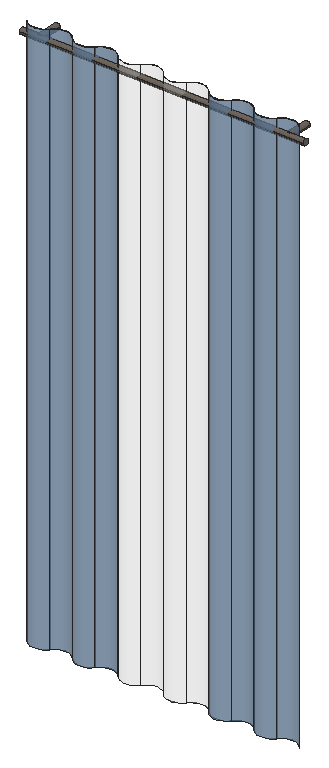
Revit family "Шторы 1 тюль й 2 шторы", category Мебель, Revit 2019
Family settings
  Номер OmniClass = 23.40.20.00
  Заголовок OmniClass = General Furniture and Specialties
  На основе рабочей плоскости = Нет
  Всегда вертикально = Да
  При загрузке вырезать с полостями = Нет
  Общий = Нет
  Точка расчета площади = Нет
Parameters
  Шторы [instance] = yes
  Количество витков штор [instance] = Количество витков тюли / 3.5  # 2
  Материал шторы тюль (дальше от стены) = Материал шторы тюль светло-синяя
  Материал шторы тюль (ближе к стене) = Материал шторы тюль светло-белая
  Материал карниз = Материал шторы карниз
  Количество витков тюли [instance] = 6
  Изготовитель = "Литвинчук Артур"
  Общая высота штор (от пола к верху штор) [instance] = 2500 mm
  Длина карниза [instance] = Количество витков тюли * 200 mm + 50 mm  # 1250 mm
  Длина (дополнительная) [instance] = Длина карниза - 100 mm  # 1150 mm
  Выступ карниза от стены [instance] = 100 mm
  Высота штор (фактическая) [instance] = [Общая высота штор (от пола к верху штор)] - 50 mm  # 2450 mm
  URL = "lytvynchukartur@gmail.com"
Reference planes
  plane 1 "По центру (Вперед/Назад)": y = 0
  plane 2: z = 0
  plane 3 "По центру (Влево/Вправо)": x = 0
  plane 4: z = 50
  plane 5: z = 2500
  plane 6: z = 2450
  plane 7 "По центру Л/Р": y = -100
  plane 8 "По центру Л/С": x = 50
  plane 9 "По центру Л/Т": x = 1150
  plane 10 "По центру Л/У": x = 1200
Forms (mm)
  Extrusion 1, solid, material "Материал шторы тюль светло-белая" <- "Материал шторы тюль (ближе к стене)"
    sketch origin (0, -100, 0) x (1, 0, 0) y (0, 1, 0)
      loop
        line (0, 0) -> (0, -1)
        arc (0, -1) -> (50, -25.926) -> (100, -1) r 62.612
        arc (100, -1) -> (150, 23.926) -> (200, -1) r 62.612
        line (200, -1) -> (200, 0)
        arc (200, 0) -> (150, 24.926) -> (100, 0) r 62.612
        arc (100, 0) -> (50, -24.926) -> (0, 0) r 62.612
    from 50 to 2500
  Extrusion 2, solid, material "Материал шторы тюль светло-белая" <- "Материал шторы тюль (ближе к стене)"
    sketch origin (200, -100, 0) x (1, 0, 0) y (0, 1, 0)
      loop
        line (0, 0) -> (0, -1)
        arc (0, -1) -> (50, -25.926) -> (100, -1) r 62.612
        arc (100, -1) -> (150, 23.926) -> (200, -1) r 62.612
        line (200, -1) -> (200, 0)
        arc (200, 0) -> (150, 24.926) -> (100, 0) r 62.612
        arc (100, 0) -> (50, -24.926) -> (0, 0) r 62.612
    from 50 to 2500
  Extrusion 3, solid, material "Материал шторы карниз" <- "Материал карниз"
    sketch origin (75, 0, 0) x (1, 0, 0) y (0, 0, 1)
      loop
        circle (-25, 2450) r 12.5
    from 0 to 100
  Extrusion 4, solid, material "Материал шторы карниз" <- "Материал карниз"
    sketch origin (975, 0, 0) x (1, 0, 0) y (0, 0, 1)
      loop
        circle (175, 2450) r 12.5
    from 0 to 100
  Extrusion 5, solid, material "Материал шторы карниз" <- "Материал карниз"
    sketch origin (-25, 1, -19.239) x (0, 1, 0) y (0, 0, 1)
      loop
        circle (-101, 2469.239) r 12.5
    from 0 to 1250
  Extrusion 6, solid, material "Материал шторы тюль светло-белая" <- "Материал шторы тюль (ближе к стене)"
    sketch origin (400, -100, 0) x (1, 0, 0) y (0, 1, 0)
      loop
        line (0, 0) -> (0, -1)
        arc (0, -1) -> (50, -25.926) -> (100, -1) r 62.612
        arc (100, -1) -> (150, 23.926) -> (200, -1) r 62.612
        line (200, -1) -> (200, 0)
        arc (200, 0) -> (150, 24.926) -> (100, 0) r 62.612
        arc (100, 0) -> (50, -24.926) -> (0, 0) r 62.612
    from 50 to 2500
  Extrusion 7, solid, material "Материал шторы тюль светло-белая" <- "Материал шторы тюль (ближе к стене)"
    sketch origin (600, -100, 0) x (1, 0, 0) y (0, 1, 0)
      loop
        line (0, 0) -> (0, -1)
        arc (0, -1) -> (50, -25.926) -> (100, -1) r 62.612
        arc (100, -1) -> (150, 23.926) -> (200, -1) r 62.612
        line (200, -1) -> (200, 0)
        arc (200, 0) -> (150, 24.926) -> (100, 0) r 62.612
        arc (100, 0) -> (50, -24.926) -> (0, 0) r 62.612
    from 50 to 2500
  Extrusion 8, solid, material "Материал шторы тюль светло-белая" <- "Материал шторы тюль (ближе к стене)"
    sketch origin (800, -100, 0) x (1, 0, 0) y (0, 1, 0)
      loop
        line (0, 0) -> (0, -1)
        arc (0, -1) -> (50, -25.926) -> (100, -1) r 62.612
        arc (100, -1) -> (150, 23.926) -> (200, -1) r 62.612
        line (200, -1) -> (200, 0)
        arc (200, 0) -> (150, 24.926) -> (100, 0) r 62.612
        arc (100, 0) -> (50, -24.926) -> (0, 0) r 62.612
    from 50 to 2500
  Extrusion 9, solid, material "Материал шторы тюль светло-белая" <- "Материал шторы тюль (ближе к стене)"
    sketch origin (1000, -100, 0) x (1, 0, 0) y (0, 1, 0)
      loop
        line (0, 0) -> (0, -1)
        arc (0, -1) -> (50, -25.926) -> (100, -1) r 62.612
        arc (100, -1) -> (150, 23.926) -> (200, -1) r 62.612
        line (200, -1) -> (200, 0)
        arc (200, 0) -> (150, 24.926) -> (100, 0) r 62.612
        arc (100, 0) -> (50, -24.926) -> (0, 0) r 62.612
    from 50 to 2500
  Extrusion 10, solid, material "Материал шторы тюль светло-синяя" <- "Материал шторы тюль (дальше от стены)", visible <- "Шторы"
    sketch origin (0, -102.359, 0) x (1, 0, 0) y (0, 1, 0)
      loop
        line (0, 0) -> (0, -1)
        arc (0, -1) -> (50, -25.926) -> (100, -1) r 62.612
        arc (100, -1) -> (150, 23.926) -> (200, -1) r 62.612
        line (200, -1) -> (200, 0)
        arc (200, 0) -> (150, 24.926) -> (100, 0) r 62.612
        arc (100, 0) -> (50, -24.926) -> (0, 0) r 62.612
    from 50 to 2500
  Extrusion 11, solid, material "Материал шторы тюль светло-синяя" <- "Материал шторы тюль (дальше от стены)", visible <- "Шторы"
    sketch origin (200, -102.359, 0) x (1, 0, 0) y (0, 1, 0)
      loop
        line (0, 0) -> (0, -1)
        arc (0, -1) -> (50, -25.926) -> (100, -1) r 62.612
        arc (100, -1) -> (150, 23.926) -> (200, -1) r 62.612
        line (200, -1) -> (200, 0)
        arc (200, 0) -> (150, 24.926) -> (100, 0) r 62.612
        arc (100, 0) -> (50, -24.926) -> (0, 0) r 62.612
    from 50 to 2500
  Extrusion 12, solid, material "Материал шторы тюль светло-синяя" <- "Материал шторы тюль (дальше от стены)", visible <- "Шторы"
    sketch origin (1000, -102.359, 0) x (1, 0, 0) y (0, 1, 0)
      loop
        line (0, 0) -> (0, -1)
        arc (0, -1) -> (50, -25.926) -> (100, -1) r 62.612
        arc (100, -1) -> (150, 23.926) -> (200, -1) r 62.612
        line (200, -1) -> (200, 0)
        arc (200, 0) -> (150, 24.926) -> (100, 0) r 62.612
        arc (100, 0) -> (50, -24.926) -> (0, 0) r 62.612
    from 50 to 2500
  Extrusion 13, solid, material "Материал шторы тюль светло-синяя" <- "Материал шторы тюль (дальше от стены)", visible <- "Шторы"
    sketch origin (800, -102.359, 0) x (1, 0, 0) y (0, 1, 0)
      loop
        line (0, 0) -> (0, -1)
        arc (0, -1) -> (50, -25.926) -> (100, -1) r 62.612
        arc (100, -1) -> (150, 23.926) -> (200, -1) r 62.612
        line (200, -1) -> (200, 0)
        arc (200, 0) -> (150, 24.926) -> (100, 0) r 62.612
        arc (100, 0) -> (50, -24.926) -> (0, 0) r 62.612
    from 50 to 2500
Dimensions and locks
  locked: plane 4 to level at 50
  "Общая высота штор (от пола к верху штор)": plane 5 to level
  locked: plane 5 to plane 6 at 50
  "Высота штор (фактическая)": Extrusion 1 to Extrusion 1
  equal spacing: group 1, group 2, group 3, group 4, group 5, group 6  (x3)
  "Высота штор (фактическая)": Extrusion 2 to Extrusion 2
  locked: plane 3 "По центру (Влево/Вправо)" to plane 8 "По центру Л/С" at 50
  locked: Extrusion 3 to plane 8 "По центру Л/С" at 12.5
  locked: Extrusion 3 to plane 6 at 12.5
  "Длина (дополнительная)": plane 3 "По центру (Влево/Вправо)" to plane 9 "По центру Л/Т"
  locked: plane 6 to Extrusion 4 at 12.5
  locked: plane 9 "По центру Л/Т" to Extrusion 4 at 12.5
  "Длина карниза": Extrusion 5 to Extrusion 5
  locked: Extrusion 5 to plane 3 "По центру (Влево/Вправо)" at 25
  "Выступ карниза от стены": plane 7 "По центру Л/Р" to plane 1 "По центру (Вперед/Назад)"
  locked: Extrusion 1 to plane 7 "По центру Л/Р" at 25.926
  locked: Extrusion 2 to plane 7 "По центру Л/Р" at 25.926
  "Высота штор (фактическая)": Extrusion 6 to Extrusion 6
  "Высота штор (фактическая)": Extrusion 7 to Extrusion 7
  "Высота штор (фактическая)": Extrusion 8 to Extrusion 8
  "Высота штор (фактическая)": Extrusion 9 to Extrusion 9
  group 7 to group 8 = 200 mm
  group 7 to group 8 = 0 mm  (x2)
  locked: Extrusion 10 to plane 7 "По центру Л/Р" at 28.285
  locked: Extrusion 11 to plane 7 "По центру Л/Р" at 28.285
  locked: plane 9 "По центру Л/Т" to plane 10 "По центру Л/У" at 50
  group 10 to group 9 = 200 mm
  group 9 to group 10 = 0 mm  (x2)
  locked: Extrusion 12 to plane 7 "По центру Л/Р" at 28.285
  locked: Extrusion 13 to plane 7 "По центру Л/Р" at 28.285
  "Высота штор (фактическая)": Extrusion 10 to Extrusion 10
  "Высота штор (фактическая)": Extrusion 11 to Extrusion 11
  "Высота штор (фактическая)": Extrusion 13 to Extrusion 13
  "Высота штор (фактическая)": Extrusion 12 to Extrusion 12
  aligned and locked: level to plane 2
  aligned and locked: Extrusion 1 to plane 4
  aligned and locked: Extrusion 3 to plane 1 "По центру (Вперед/Назад)"
  aligned and locked: plane 7 "По центру Л/Р" to Extrusion 3
  aligned and locked: plane 7 "По центру Л/Р" to Extrusion 4
  aligned and locked: plane 10 "По центру Л/У" to Extrusion 12
  aligned and locked: Extrusion 12 to Extrusion 13
Automatic sketch dimensions
  Extrusion 1 sketch curve to Extrusion 1 sketch curve = 0 mm  (x2)
  Extrusion 1 sketch curve to Extrusion 1 sketch curve = 100 mm
  Extrusion 1 sketch curve to Extrusion 1 sketch curve = 50 mm  (x2)
  Extrusion 1 sketch curve to Extrusion 1 sketch curve = 1 mm  (x4)
  Extrusion 1 sketch curve to Extrusion 1 sketch curve = 36.686 mm  (x3)
  Extrusion 2 sketch curve to Extrusion 2 sketch curve = 0 mm  (x2)
  Extrusion 2 sketch curve to Extrusion 2 sketch curve = 100 mm
  Extrusion 2 sketch curve to Extrusion 2 sketch curve = 50 mm  (x2)
  Extrusion 2 sketch curve to Extrusion 2 sketch curve = 1 mm  (x4)
  Extrusion 2 sketch curve to Extrusion 2 sketch curve = 36.686 mm  (x3)
  Extrusion 6 sketch curve to Extrusion 6 sketch curve = 0 mm  (x2)
  Extrusion 6 sketch curve to Extrusion 6 sketch curve = 100 mm
  Extrusion 6 sketch curve to Extrusion 6 sketch curve = 50 mm  (x2)
  Extrusion 6 sketch curve to Extrusion 6 sketch curve = 1 mm  (x4)
  Extrusion 6 sketch curve to Extrusion 6 sketch curve = 36.686 mm  (x3)
  Extrusion 7 sketch curve to Extrusion 7 sketch curve = 0 mm  (x2)
  Extrusion 7 sketch curve to Extrusion 7 sketch curve = 100 mm
  Extrusion 7 sketch curve to Extrusion 7 sketch curve = 50 mm  (x2)
  Extrusion 7 sketch curve to Extrusion 7 sketch curve = 1 mm  (x4)
  Extrusion 7 sketch curve to Extrusion 7 sketch curve = 36.686 mm  (x3)
  Extrusion 8 sketch curve to Extrusion 8 sketch curve = 0 mm  (x2)
  Extrusion 8 sketch curve to Extrusion 8 sketch curve = 100 mm
  Extrusion 8 sketch curve to Extrusion 8 sketch curve = 50 mm  (x2)
  Extrusion 8 sketch curve to Extrusion 8 sketch curve = 1 mm  (x4)
  Extrusion 8 sketch curve to Extrusion 8 sketch curve = 36.686 mm  (x3)
  Extrusion 9 sketch curve to Extrusion 9 sketch curve = 0 mm  (x2)
  Extrusion 9 sketch curve to Extrusion 9 sketch curve = 100 mm
  Extrusion 9 sketch curve to Extrusion 9 sketch curve = 50 mm  (x2)
  Extrusion 9 sketch curve to Extrusion 9 sketch curve = 1 mm  (x4)
  Extrusion 9 sketch curve to Extrusion 9 sketch curve = 36.686 mm  (x3)
  Extrusion 10 sketch curve to Extrusion 10 sketch curve = 0 mm  (x2)
  Extrusion 10 sketch curve to Extrusion 10 sketch curve = 100 mm
  Extrusion 10 sketch curve to Extrusion 10 sketch curve = 50 mm  (x2)
  Extrusion 10 sketch curve to Extrusion 10 sketch curve = 1 mm  (x4)
  Extrusion 10 sketch curve to Extrusion 10 sketch curve = 36.686 mm  (x3)
  Extrusion 11 sketch curve to Extrusion 11 sketch curve = 0 mm  (x2)
  Extrusion 11 sketch curve to Extrusion 11 sketch curve = 100 mm
  Extrusion 11 sketch curve to Extrusion 11 sketch curve = 50 mm  (x2)
  Extrusion 11 sketch curve to Extrusion 11 sketch curve = 1 mm  (x4)
  Extrusion 11 sketch curve to Extrusion 11 sketch curve = 36.686 mm  (x3)
  Extrusion 12 sketch curve to Extrusion 12 sketch curve = 0 mm  (x2)
  Extrusion 12 sketch curve to Extrusion 12 sketch curve = 100 mm
  Extrusion 12 sketch curve to Extrusion 12 sketch curve = 50 mm  (x2)
  Extrusion 12 sketch curve to Extrusion 12 sketch curve = 1 mm  (x4)
  Extrusion 12 sketch curve to Extrusion 12 sketch curve = 36.686 mm  (x3)
  Extrusion 3 sketch curve to plane 6 = 0 mm
  Extrusion 3 sketch curve to plane 8 "По центру Л/С" = 0 mm
  Extrusion 4 sketch curve to plane 6 = 0 mm
  Extrusion 4 sketch curve to plane 9 "По центру Л/Т" = 0 mm
  Extrusion 5 sketch curve to plane 6 = 0 mm
  Extrusion 5 sketch curve to plane 7 "По центру Л/Р" = 0 mm
  Extrusion 13 sketch curve to Extrusion 13 sketch curve = 0 mm  (x2)
  Extrusion 13 sketch curve to Extrusion 13 sketch curve = 100 mm
  Extrusion 13 sketch curve to Extrusion 13 sketch curve = 50 mm  (x2)
  Extrusion 13 sketch curve to Extrusion 13 sketch curve = 1 mm  (x4)
  Extrusion 13 sketch curve to Extrusion 13 sketch curve = 36.686 mm  (x3)
  radius of Extrusion 3 sketch curve = 12.5 mm
  radius of Extrusion 4 sketch curve = 12.5 mm
  radius of Extrusion 5 sketch curve = 12.5 mm
